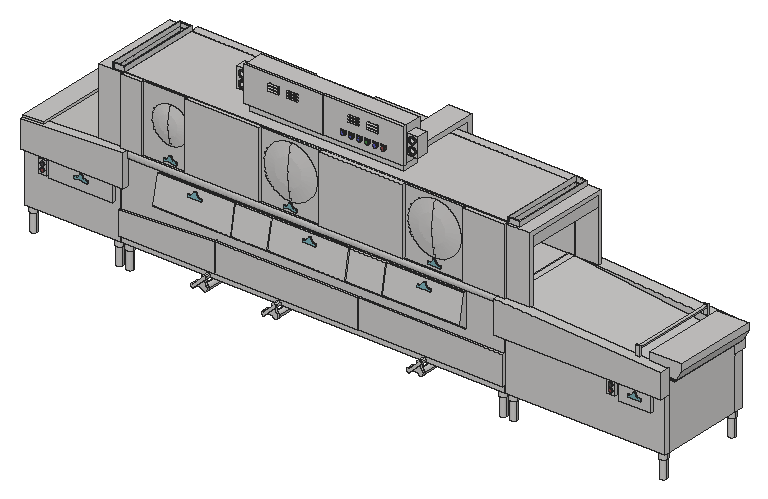
Revit family
Parameters (values of type "480/60/3")
  Weight in Pounds = 0
  Watts = 50000 W
  Waste Water Discharge Temperature [instance] = -459.67 °F
  Volts = 480 V
  Ventilation Remarks [instance] = ""
  Unload Ventilation Remarks [instance] = ""
  Unload Section Width [instance] = if(Custom Unload Width > 5' 0", Custom Unload Width, 5' 0")  # 5' - 0"
  Unload Removable Cover [instance] = yes
  Unload Exhaust Volume = 1000 CFM
  Unload Exhaust Vent Width = 0' - 4"
  Unload Exhaust Vent Depth = 2' - 7 1/4"
  Unload Exhaust Static Press [instance] = 0.00 in-wg
  Unload Exhaust RI Height [instance] = 0' - 0"
  Unload Exhaust Item Number [instance] = "-"
  Unload End Drain [instance] = no
  URL Cutsheet = ""
  URL = "www.stero.com"
  Swing Doors [instance] = no
  Status [instance] = ""
  Standard Doors [instance] = not(Swing Doors)  # yes
  Specification by User [instance] = ""
  Specification by Manufacturer [instance] = ""
  Serial Number [instance] = ""
  Seismic Rating [instance] = ""
  Revision Code [instance] = ""
  Power Wash Width = 4' - 6"
  Power Wash Door [instance] = if(Swing Doors, 3' 0", 1' 10 1/2")  # 1' - 10 1/2"
  Power Scrapper Width = 3' - 0"
  Power Scrapper Door [instance] = if(Swing Doors, 2' 0", 1' 4 1/4")  # 1' - 4 1/4"
  Power Rinse Door [instance] = if(Swing Doors, 3' 0", 1' 10 1/2")  # 1' - 10 1/2"
  Plumbing Remarks [instance] = ""
  Plumbing Connection Type [instance] = ""
  Phase = 3
  ONOFF Switch [instance] = if([30 inch Load], 0' 0", 0' 6")  # 0' - 6"
  Number of Poles [instance] = 3
  No Booster Heater [instance] = not(Booster Heater)  # yes
  NAFEM Spec ID Number [instance] = ""
  Model = "STPCW-ER 144E"
  Masterspec [instance] = ""
  Manufacturer = "Stero"
  Load Section Width [instance] = if([30 inch Load], 2' 6 1/8", if([36 inch Load], 3' 0 1/8", if([48 inch Load], 4' 0 1/8", (Custom Load Width + 0' 0 1/8"))))  # 3' - 0 1/8"
  Load End Drain [instance] = not(Unload End Drain)  # yes
  Item Number [instance] = "-"
  Installed By [instance] = ""
  Indirect Waste Size = 2"
  Indirect Waste Flow [instance] = 0.00 GPM
  Indirect Waste Connection Type [instance] = ""
  Indirect Waste Connection Height = 0' - 7"
  Hot Water Temperature = 140 °F
  Hot Water Size = 1"
  Hot Water RI Height [instance] = 0' - 0"
  Hot Water Minimum Pressure = 20.00 psi
  Hot Water Maximum Pressure = 20.00 psi
  Hot Water Flow [instance] = 0.00 GPM
  Hot Water Consumption = 1.63 GPM
  Hot Water Connection Height = 0' - 6"
  HP = "8"
  Furnished By [instance] = ""
  Foodservice Equipment Identifier [instance] = yes
  Final Rinse Width = 4' - 6"
  Feeder Line 3 = no
  Feeder Line 2 = no
  FL Amps = 76.1 A
  F3 Watts = 0 W
  F3 Volts = 480 V
  F3 Phase = 3
  F3 Number of Poles [instance] = 3
  F3 Item Number [instance] = "-"
  F3 FL Amps = 0 A
  F3 Electrical Remarks [instance] = ""
  F3 Electric Connection Type [instance] = ""
  F3 Elec Conn RI Height [instance] = 0' - 0"
  F3 Elec Conn Connection Height = Elec Conn Connection Height  # 6' - 6"
  F3 Cycle = Cycle  # 60 Hz
  F3 Conn Conduit = yes
  F3 Apparent Power = if(F3 Phase = 3, F3 Volts * F3 FL Amps * 1.73, F3 Volts * F3 FL Amps)  # 0 VA
  F2 Watts = 0 W
  F2 Volts = 480 V
  F2 Phase = 3
  F2 Number of Poles [instance] = 3
  F2 Item Number [instance] = "-"
  F2 FL Amps = 0 A
  F2 Electrical Remarks [instance] = ""
  F2 Electric Connection Type [instance] = ""
  F2 Elec Conn RI Height [instance] = 0' - 0"
  F2 Elec Conn Connection Height = Elec Conn Connection Height  # 6' - 6"
  F2 Cycle = Cycle  # 60 Hz
  F2 Conn Conduit = yes
  F2 Apparent Power = if(F2 Phase = 3, F2 Volts * F2 FL Amps * 1.73, F2 Volts * F2 FL Amps)  # 0 VA
  Exhaust Volume = 500 CFM
  Exhaust Vent Width = 0' - 4"
  Exhaust Vent Depth = 2' - 7 1/4"
  Exhaust Static Press [instance] = 0.00 in-wg
  Exhaust RI Height [instance] = 0' - 0"
  Electrical Remarks [instance] = ""
  Electric Connection Type [instance] = ""
  Elec Conn RI Height [instance] = 0' - 0"
  Elec Conn Connection Height = 6' - 6"
  Description = "Flight Type Dishwasher"
  Depth = 3' - 6"
  Cycle = 60 Hz
  Custom Unload Width [instance] = 5' - 0"
  Custom Load Width [instance] = 4' - 6"
  Conn Conduit = yes
  Cold Water Temperature Recommended [instance] = -459.67 °F
  Cold Water Size [instance] = if(Cold Water Aqua Stat, 0' 0 3/4", 0' 0")  # 0"
  Cold Water RI Height [instance] = 0' - 0"
  Cold Water Minimum Pressure [instance] = 0.00 psi
  Cold Water Maximum Pressure [instance] = 0.00 psi
  Cold Water Flow [instance] = 0.00 GPM
  Cold Water Consumption [instance] = ""
  Cold Water Connection Height [instance] = if(Cold Water Aqua Stat, 0' 6", 0' 0")  # 0' - 0"
  Cold Water Aqua Stat [instance] = no
  CSI MasterFormat = "11 48 13"
  Booster Watts = 24000 W
  Booster Volts = 480 V
  Booster Phase = 3
  Booster Number of Poles [instance] = 3
  Booster Item Number [instance] = "-"
  Booster Heater [instance] = no
  Booster FL Amps = 28.9 A
  Booster Electrical Remarks [instance] = ""
  Booster Electric Connection Type [instance] = ""
  Booster Elec Conn RI Height [instance] = 0' - 0"
  Booster Elec Conn Connection Height = 0' - 11"
  Booster Cycle = 60 Hz
  Booster Conn Conduit = yes
  Booster Apparent Power = if(Booster Phase = 3, Booster Volts * Booster FL Amps * 1.73, Booster Volts * Booster FL Amps)  # 23998.6 VA
  Boosted Plumbing Remarks [instance] = ""
  Boosted Hot Water Temperature = 180 °F
  Boosted Hot Water Size = 3/4"
  Boosted Hot Water RI Height [instance] = 0' - 0"
  Boosted Hot Water Minimum Pressure = 20.00 psi
  Boosted Hot Water Maximum Pressure = 20.00 psi
  Boosted Hot Water Flow [instance] = 0.00 GPM
  Boosted Hot Water Consumption = 1.63 GPM
  Boosted Hot Water Connection Height = 0' - 6"
  Boosted HW Item Number [instance] = "-"
  Assembly Code = "E1090320"
  Apparent Power = if(Phase = 3, Volts * FL Amps * 1.73, Volts * FL Amps)  # 63193.4 VA
  48 inch Load [instance] = no
  36 inch Load [instance] = yes
  30 inch Load [instance] = no
Reference planes (in)
  plane 1 "BACK": y = 0
  plane 2: z = 0
  plane 3 "LEFT": x = -21.27862
  plane 4 "RIGHT": x = 122.72138
  plane 5 "FRONT": y = -42
  plane 6 "Right of Power Scrapper": x = 14.72138
  plane 7 "Right of Power Wash": x = 68.72138
  plane 8 "Load Vent": x = -30.27862
  plane 9 "Unload Vent": x = 131.72138
  plane 10 "Top of Machine": z = 65.5
  plane 11 "Table Height": z = 34
  plane 12 "Bottom of Machine": z = 9
  plane 13 "Middle of Machine": z = 40.625
  plane 14 "Left of Bottom": x = -18.77862
  plane 15 "Right of Bottom": x = 120.22138
  plane 16: z = 38.125
  plane 17: z = 37.75
  plane 18: z = 24.5
  plane 19: z = 22.25
  plane 20: z = 11.5
  plane 21 "Back of Main Body": y = -3
  plane 22 "Front of Main Body": y = -39
  plane 23: x = -3.27862
  plane 24: x = 41.72138
  plane 25: x = 95.72138
  plane 26: x = -13.52862
  plane 27: x = 2.72138
  plane 28: x = 30.47138
  plane 29: x = 52.97138
  plane 30: x = 84.47138
  plane 31: x = 106.97138
  plane 32 "Front of Inside": y = -37.25
  plane 33 "Back of Inside": y = -6
  plane 34: x = 23.22138
  plane 35: x = 45.72138
  plane 36: x = -6.77862
  plane 37: x = 22.22138
  plane 38: x = 36.22138
  plane 39: x = 65.22138
  plane 40: x = 35.97138
  plane 41: x = 65.47138
  plane 42: x = 14.59638
  plane 43: x = 14.84638
  plane 44: x = 68.59638
  plane 45: x = 68.84638
  plane 46: z = 60.25
  plane 47: z = 67.25
  plane 48: x = -21.40362
  plane 49: x = -25.40362
  plane 50: x = 126.84638
  plane 51: x = 122.84638
  plane 52: x = -57.40362
  plane 53: x = -59.90362
  plane 54: x = -58.40362
  plane 55: x = -49.40362
  plane 56: z = 28.5
  plane 57: z = 28
  plane 58: z = 22
  plane 59: x = -47.40362
  plane 60: x = -23.40362
  plane 61: x = -48.40362
  plane 62: x = -51.40362
  plane 63: x = 182.72138
  plane 64: x = 183.72138
  plane 65: x = 185.22138
  plane 66: x = 187.72138
  plane 67: x = 175.72138
  plane 68: x = 171.72138
  plane 69: x = 178.22138
  plane 70: x = 166.22138
  plane 71: x = 164.72138
  plane 72: x = 161.72138
  plane 73: y = -32.5
  plane 74: y = -26.5
  plane 75: x = 21.72138
  plane 76: x = 79.72138
  plane 77: z = 68.5
  plane 78: z = 71.375
  plane 79: z = 78.625
  plane 80: z = 81.5
  plane 81: x = 50.72138
  plane 82: x = 50.59638
  plane 83: x = 50.84638
  plane 84: x = 20.72138
  plane 85: x = 80.72138
  plane 86: x = 84.72138
  plane 87: x = 16.72138
  plane 88 "Back of Elec Box": y = -26
  plane 89: y = -33
  plane 90 "Front of Panel": y = -34
  plane 91: z = 68.25
  plane 92: z = 81.25
  plane 93: x = 20.97138
  plane 94 "Right of Control Box": x = 80.47138
  plane 95 "Front of LR Panels": y = -32.25
  plane 96: y = -28.25
  plane 97 "Drain": z = 7
  plane 98 "Left Drain": x = -39.90362
  plane 99 "Right Drain": x = 175.72138
  plane 100 "Drain CL": y = -20.25
  plane 101 "Utilities": z = 6
  plane 102 "Cold Water": x = -31.27862
  plane 103 "Utility to Machine": y = -16.75
  plane 104 "Utilities Point of Connection": y = -8.5
  plane 105 "Building Hot Water": x = 158.72138
  plane 106: x = -13.27862
  plane 107: x = 2.59638
  plane 108: x = 1.28388
  plane 109: x = 30.72138
  plane 110: x = 41.65888
  plane 111: x = 41.78388
  plane 112: x = 52.72138
  plane 113: x = 43.15888
  plane 114: x = 40.28388
  plane 115: x = 84.72138
  plane 116: x = 95.65888
  plane 117: x = 95.78388
  plane 118: x = 106.72138
  plane 119: x = 97.15888
  plane 120: x = 94.28388
  plane 121 "Standard Door Clearance": z = 93.5
  plane 122: x = 146.72138
  plane 123: x = 22.47138
  plane 124: x = 79.22138
  plane 125: x = 78.97138
  plane 126: x = 108.22138
Forms (in)
  Extrusion 1, solid, material "QF_Finishes_Stainless Steel"
    sketch origin (0, -39, 0) x (1, 0, 0) y (0, 0, 1)
      loop
        line (-21.27862, 9) -> (122.72138, 9) -> (122.72138, 28.5) -> (120.22138, 28.5) -> (120.22138, 38.125) -> (-18.77862, 38.125) -> (-18.77862, 28.5) -> (-21.27862, 28.5) -> (-21.27862, 9)
    from 0 to -36
  Extrusion 2, solid, material "QF_Finishes_Stainless Steel"
    sketch origin (-18.77862, 0, 0) x (0, 1, 0) y (0, 0, 1)
      loop
        line (-3, 40.625) -> (-39, 40.625)
        arc (-39, 40.625) -> (-39.43875, 39.375) -> (-39, 38.125) r 2
        line (-39, 38.125) -> (-3, 38.125) -> (-3, 40.625)
    from 0 to 139
  Extrusion 3, solid, material "QF_Finishes_Stainless Steel"
    sketch origin (0, 0, 65.5) x (0, 1, 0) y (-1, 0, 0)
      loop
        line (-37.25, 21.27862) -> (-39, 21.27862) -> (-39, 13.52862) -> (-37.25, 13.52862) -> (-37.25, 21.27862)
    from 0 to -24.875
  Extrusion 4, solid, material "QF_Finishes_Stainless Steel"
    sketch origin (0, 0, 65.5) x (0, 1, 0) y (-1, 0, 0)
      loop
        line (-37.25, -2.72138) -> (-39, -2.72138) -> (-39, -30.47138) -> (-37.25, -30.47138) -> (-37.25, -2.72138)
    from 0 to -24.875
  Extrusion 5, solid, material "QF_Finishes_Stainless Steel"
    sketch origin (0, 0, 65.5) x (0, 1, 0) y (-1, 0, 0)
      loop
        line (-37.25, -52.97138) -> (-39, -52.97138) -> (-39, -84.47138) -> (-37.25, -84.47138) -> (-37.25, -52.97138)
    from 0 to -24.875
  Extrusion 6, solid, material "QF_Finishes_Stainless Steel"
    sketch origin (0, 0, 65.5) x (0, 1, 0) y (-1, 0, 0)
      loop
        line (-37.25, -106.97138) -> (-39, -106.97138) -> (-39, -122.72138) -> (-37.25, -122.72138) -> (-37.25, -106.97138)
    from 0 to -24.875
  Extrusion 7, solid, material "QF_Finishes_Stainless Steel"
    sketch origin (0, 0, 65.5) x (0, 1, 0) y (-1, 0, 0)
      loop
        line (-3, 21.27862) -> (-6, 21.27862) -> (-6, -23.22138) -> (-3, -23.22138) -> (-3, 21.27862)
    from 0 to -24.875
  Extrusion 8, solid, material "QF_Finishes_Stainless Steel"
    sketch origin (0, 0, 65.5) x (0, 1, 0) y (-1, 0, 0)
      loop
        line (-3, -45.72138) -> (-6, -45.72138) -> (-6, -122.72138) -> (-3, -122.72138) -> (-3, -45.72138)
    from 0 to -24.875
  Extrusion 9, solid, material "QF_Finishes_Stainless Steel"
    sketch origin (0, 0, 65.5) x (0, 1, 0) y (-1, 0, 0)
      loop
        line (-37.25, 13.52862) -> (-38.25, 13.52862) -> (-38.25, -2.72138) -> (-37.25, -2.72138) -> (-37.25, 13.52862)
    from 0 to -24.875
  Extrusion 10, solid, material "QF_Finishes_Stainless Steel"
    sketch origin (0, 0, 65.5) x (0, 1, 0) y (-1, 0, 0)
      loop
        line (-37.25, -30.47138) -> (-38.25, -30.47138) -> (-38.25, -52.97138) -> (-37.25, -52.97138) -> (-37.25, -30.47138)
    from 0 to -24.875
  Extrusion 11, solid, material "QF_Finishes_Stainless Steel"
    sketch origin (0, 0, 65.5) x (0, 1, 0) y (-1, 0, 0)
      loop
        line (-37.25, -84.47138) -> (-38.25, -84.47138) -> (-38.25, -106.97138) -> (-37.25, -106.97138) -> (-37.25, -84.47138)
    from 0 to -24.875
  Extrusion 12, solid, material "QF_Finishes_Stainless Steel"
    sketch origin (0, 0, 65.5) x (0, 1, 0) y (-1, 0, 0)
      loop
        line (-4, -23.22138) -> (-6, -23.22138) -> (-6, -45.72138) -> (-4, -45.72138) -> (-4, -23.22138)
    from 0 to -24.875
  Revolve 13, solid, material "QF_Finishes_Stainless Steel", visible <- "Standard Doors"
    sketch origin (41.72138, 87.64484, 48) x (0, 1, 0) y (0, 0, 1)
      loop
        line (-125.89484, 6.49826) -> (-125.89484, 16.49826)
        arc (-125.89484, 16.49826) -> (-126.65727, 11.52451) -> (-126.89484, 6.49826) r 48
        line (-126.89484, 6.49826) -> (-125.89484, 6.49826)
      axis (-125.89484, 6.49826) -> (-126.89484, 6.49826)
    angle from 0 to 360
  Revolve 14, solid, material "QF_Finishes_Stainless Steel", visible <- "Standard Doors"
    sketch origin (95.72138, 53.39484, 48) x (0, 1, 0) y (0, 0, 1)
      loop
        line (-91.64484, 6.49826) -> (-91.64484, 16.49826)
        arc (-91.64484, 16.49826) -> (-92.40727, 11.52451) -> (-92.64484, 6.49826) r 48
        line (-92.64484, 6.49826) -> (-91.64484, 6.49826)
      axis (-91.64484, 6.49826) -> (-92.64484, 6.49826)
    angle from 0 to 360
  Extrusion 15, solid, material "QF_Finishes_Light Blue", visible <- "Standard Doors"
    sketch origin (32.39366, -38.75, 10.99826) x (-1, 0, 0) y (0, 0, 1)
      loop
        line (-62.71645, 30.65632) -> (-61.08461, 30.57309)
        arc (-61.08461, 30.57309) -> (-60.90443, 30.64773) -> (-60.82979, 30.82792) r 0.25483
        line (-60.82979, 30.82792) -> (-60.82979, 31.31285)
        arc (-60.82979, 31.31285) -> (-60.90343, 31.49062) -> (-61.08121, 31.56426) r 0.25142
        arc (-61.08121, 31.56426) -> (-62.22593, 31.7803) -> (-62.90311, 32.72819) r 1.56264
        arc (-62.90311, 32.72819) -> (-63.31726, 33.06213) -> (-63.74741, 32.74907) r 0.43733
        arc (-63.74741, 32.74907) -> (-64.42049, 31.78611) -> (-65.57423, 31.56426) r 1.56264
        arc (-65.57423, 31.56426) -> (-65.75201, 31.49062) -> (-65.82565, 31.31285) r 0.25142
        line (-65.82565, 31.31285) -> (-65.82565, 30.82792)
        arc (-65.82565, 30.82792) -> (-65.75101, 30.64773) -> (-65.57082, 30.57309) r 0.25483
        line (-65.57082, 30.57309) -> (-63.93898, 30.65632)
        arc (-63.93898, 30.65632) -> (-63.32772, 30.6719) -> (-62.71645, 30.65632) r 12
    from 0.5 to 0.4375
  Extrusion 16, solid, material "QF_Finishes_Light Blue", visible <- "Standard Doors"
    sketch origin (-33.60634, -38.75, 10.99826) x (-1, 0, 0) y (0, 0, 1)
      loop
        line (-29.71645, 30.65632) -> (-28.08461, 30.57309)
        arc (-28.08461, 30.57309) -> (-27.90443, 30.64773) -> (-27.82979, 30.82792) r 0.25483
        line (-27.82979, 30.82792) -> (-27.82979, 31.31285)
        arc (-27.82979, 31.31285) -> (-27.90343, 31.49062) -> (-28.08121, 31.56426) r 0.25142
        arc (-28.08121, 31.56426) -> (-29.22593, 31.7803) -> (-29.90311, 32.72819) r 1.56264
        arc (-29.90311, 32.72819) -> (-30.31726, 33.06213) -> (-30.74741, 32.74907) r 0.43733
        arc (-30.74741, 32.74907) -> (-31.42049, 31.78611) -> (-32.57423, 31.56426) r 1.56264
        arc (-32.57423, 31.56426) -> (-32.75201, 31.49062) -> (-32.82565, 31.31285) r 0.25142
        line (-32.82565, 31.31285) -> (-32.82565, 30.82792)
        arc (-32.82565, 30.82792) -> (-32.75101, 30.64773) -> (-32.57082, 30.57309) r 0.25483
        line (-32.57082, 30.57309) -> (-30.93898, 30.65632)
        arc (-30.93898, 30.65632) -> (-30.32772, 30.6719) -> (-29.71645, 30.65632) r 12
    from 0.5 to 0.4375
  Revolve 17, solid, material "QF_Finishes_Stainless Steel", visible <- "Standard Doors"
    sketch origin (-3.27862, 60.79026, 48) x (0, 1, 0) y (0, 0, 1)
      loop
        line (-99.04026, 6.42888) -> (-99.04026, 13.42888)
        arc (-99.04026, 13.42888) -> (-99.77934, 9.96304) -> (-100.04026, 6.42888) r 26
        line (-100.04026, 6.42888) -> (-99.04026, 6.42888)
      axis (-99.04026, 6.42888) -> (-100.04026, 6.42888)
    angle from 0 to 360
  Revolve 18, solid, material "QF_Finishes_Stainless Steel", visible <- "Standard Doors"
    sketch origin (34.47138, -129.89484, 48) x (0, -1, 0) y (0, 0, -1)
      loop
        line (-125.89484, -6.49826) -> (-126.89484, -6.49826)
        arc (-126.89484, -6.49826) -> (-126.65727, -11.52451) -> (-125.89484, -16.49826) r 48
        line (-125.89484, -16.49826) -> (-125.89484, -6.49826)
      axis (-125.89484, -6.49826) -> (-126.89484, -6.49826)
    angle from 0 to 360
  Extrusion 19, solid, material "QF_Finishes_Stainless Steel"
    sketch origin (-18.77862, 0, 0) x (0, 1, 0) y (0, 0, 1)
      loop
        line (-39, 37.75) -> (-40, 37.75) -> (-42, 27.5) -> (-39, 25.1875) -> (-39, 37.75)
    from 12 to 41
  Extrusion 20, solid, material "QF_Finishes_Stainless Steel"
    sketch origin (16.97138, 0, 0) x (0, 1, 0) y (0, 0, 1)
      loop
        line (-39, 37.75) -> (-40, 37.75) -> (-42, 27.5) -> (-39, 25.1875) -> (-39, 37.75)
    from 5.5 to 19
  Extrusion 21, solid, material "QF_Finishes_Stainless Steel"
    sketch origin (21.72138, 0, 0) x (0, 1, 0) y (0, 0, 1)
      loop
        line (-39, 37.75) -> (-40, 37.75) -> (-42, 27.5) -> (-39, 25.1875) -> (-39, 37.75)
    from 14.5 to 43.5
  Extrusion 22, solid, material "QF_Finishes_Stainless Steel"
    sketch origin (45.97138, 0, 0) x (0, 1, 0) y (0, 0, 1)
      loop
        line (-39, 37.75) -> (-40, 37.75) -> (-42, 27.5) -> (-39, 25.1875) -> (-39, 37.75)
    from 19.5 to 33
  Extrusion 23, solid, material "QF_Finishes_Stainless Steel"
    sketch origin (50.97138, 0, 0) x (0, 1, 0) y (0, 0, 1)
      loop
        line (-39, 37.75) -> (-40, 37.75) -> (-42, 27.5) -> (-39, 25.1875) -> (-39, 37.75)
    from 28.25 to 57.25
  Extrusion 24, solid, material "QF_Finishes_Stainless Steel"
    sketch origin (0, -39, 0) x (1, 0, 0) y (0, 0, 1)
      loop
        line (-21.27862, 11.5) -> (14.59638, 11.5) -> (14.59638, 22.25) -> (-21.27862, 20.375) -> (-21.27862, 11.5)
    from 0 to 1
  Extrusion 25, solid, material "QF_Finishes_Stainless Steel"
    sketch origin (0, -39, 0) x (1, 0, 0) y (0, 0, 1)
      loop
        line (14.84638, 22.25) -> (14.84638, 11.5) -> (68.59638, 11.5) -> (68.59638, 22.25) -> (14.84638, 22.25)
    from 0 to 1
  Extrusion 26, solid, material "QF_Finishes_Stainless Steel"
    sketch origin (0, -39, 0) x (1, 0, 0) y (0, 0, 1)
      loop
        line (68.84638, 22.25) -> (68.84638, 11.5) -> (122.72138, 11.5) -> (122.72138, 22.25) -> (68.84638, 22.25)
    from 0 to 1
  Extrusion 27, solid, material "QF_Finishes_Stainless Steel"
    sketch origin (0, 0, 65.5) x (0, 1, 0) y (-1, 0, 0)
      loop
        line (-6, 21.27862) -> (-37.25, 21.27862) -> (-37.25, -122.72138) -> (-6, -122.72138) -> (-6, 21.27862)
    from 0 to -5.25
  Extrusion 28, solid, material "QF_Finishes_Stainless Steel"
    sketch origin (-21.27862, 0, 0) x (0, 1, 0) y (0, 0, 1)
      loop
        line (-5, 65.5) -> (-38.25, 65.5) -> (-38.25, 40.625) -> (-37.25, 40.625) -> (-37.25, 64.125) -> (-6, 64.125) -> (-6, 40.625) -> (-5, 40.625) -> (-5, 65.5)
    from 0 to -9
  Extrusion 29, solid, material "QF_Finishes_Stainless Steel"
    sketch origin (0, 0, 65.5) x (0, 1, 0) y (-1, 0, 0)
      loop
        line (-6, 25.40362) -> (-37.25, 25.40362) -> (-37.25, 21.40362) -> (-6, 21.40362) -> (-6, 25.40362)
      loop
        line (-5.875, 25.52862) -> (-37.375, 25.52862) -> (-37.375, 21.27862) -> (-5.875, 21.27862) -> (-5.875, 25.52862)
    from 0 to 1.75
  Extrusion 30, solid, material "QF_Finishes_Stainless Steel"
    sketch origin (-30.27862, 0, 0) x (0, 1, 0) y (0, 0, 1)
      loop
        line (-6, 64.125) -> (-37.25, 64.125) -> (-37.25, 60.25) -> (-6, 60.25) -> (-6, 64.125)
    from 0 to 1
  Extrusion 31, void
    sketch origin (0, 0, 65.5) x (0, 1, 0) y (-1, 0, 0)
      loop
        line (-6, 25.40362) -> (-37.25, 25.40362) -> (-37.25, 21.40362) -> (-6, 21.40362) -> (-6, 25.40362)
    from 0 to -1.375
  Extrusion 32, solid, material "QF_Finishes_Stainless Steel"
    sketch origin (122.72138, 0, 0) x (0, 1, 0) y (0, 0, 1)
      loop
        line (-5, 40.625) -> (-5, 65.5) -> (-38.25, 65.5) -> (-38.25, 40.625) -> (-37.25, 40.625) -> (-37.25, 64.125) -> (-6, 64.125) -> (-6, 40.625) -> (-5, 40.625)
    from 0 to 9
  Extrusion 33, solid, material "QF_Finishes_Stainless Steel"
    sketch origin (53.44275, 0, 65.5) x (0, 1, 0) y (-1, 0, 0)
      loop
        line (-6, -73.40362) -> (-6, -69.40362) -> (-37.25, -69.40362) -> (-37.25, -73.40362) -> (-6, -73.40362)
      loop
        line (-5.875, -73.52862) -> (-5.875, -69.27862) -> (-37.375, -69.27862) -> (-37.375, -73.52862) -> (-5.875, -73.52862)
    from 0 to 1.75
  Extrusion 34, solid, material "QF_Finishes_Stainless Steel"
    sketch origin (131.72138, 0, 0) x (0, 1, 0) y (0, 0, 1)
      loop
        line (-6, 64.125) -> (-37.25, 64.125) -> (-37.25, 60.25) -> (-6, 60.25) -> (-6, 64.125)
    from 0 to -1
  Extrusion 35, void
    sketch origin (0, 0, 65.5) x (0, 1, 0) y (-1, 0, 0)
      loop
        line (-37.25, -126.84638) -> (-6, -126.84638) -> (-6, -122.84638) -> (-37.25, -122.84638) -> (-37.25, -126.84638)
    from 0 to -1.375
  Extrusion 36, solid, material "QF_Finishes_Light Blue", visible <- "Standard Doors"
    sketch origin (4.39366, -38.75, 10.99826) x (-1, 0, 0) y (0, 0, 1)
      loop
        line (-36.71645, 30.65632) -> (-35.08461, 30.57309)
        arc (-35.08461, 30.57309) -> (-34.90443, 30.64773) -> (-34.82979, 30.82792) r 0.25483
        line (-34.82979, 30.82792) -> (-34.82979, 31.31285)
        arc (-34.82979, 31.31285) -> (-34.90343, 31.49062) -> (-35.08121, 31.56426) r 0.25142
        arc (-35.08121, 31.56426) -> (-36.22593, 31.7803) -> (-36.90311, 32.72819) r 1.56264
        arc (-36.90311, 32.72819) -> (-37.31726, 33.06213) -> (-37.74741, 32.74907) r 0.43733
        arc (-37.74741, 32.74907) -> (-38.42049, 31.78611) -> (-39.57423, 31.56426) r 1.56264
        arc (-39.57423, 31.56426) -> (-39.75201, 31.49062) -> (-39.82565, 31.31285) r 0.25142
        line (-39.82565, 31.31285) -> (-39.82565, 30.82792)
        arc (-39.82565, 30.82792) -> (-39.75101, 30.64773) -> (-39.57082, 30.57309) r 0.25483
        line (-39.57082, 30.57309) -> (-37.93898, 30.65632)
        arc (-37.93898, 30.65632) -> (-37.32772, 30.6719) -> (-36.71645, 30.65632) r 12
    from 0.5 to 0.4375
  Extrusion 37, solid, material "QF_Finishes_Light Blue"
    sketch origin (52.14366, -47.17361, 4.34597) x (-1, 0, 0) y (0, 0.195946, 0.980615)
      loop
        line (-40.97691, 30.65632) -> (-39.34507, 30.57309)
        arc (-39.34507, 30.57309) -> (-39.16488, 30.64773) -> (-39.09025, 30.82792) r 0.25483
        line (-39.09025, 30.82792) -> (-39.09025, 31.31285)
        arc (-39.09025, 31.31285) -> (-39.16389, 31.49062) -> (-39.34166, 31.56426) r 0.25142
        arc (-39.34166, 31.56426) -> (-40.48639, 31.7803) -> (-41.16357, 32.72819) r 1.56264
        arc (-41.16357, 32.72819) -> (-41.57772, 33.06213) -> (-42.00787, 32.74907) r 0.43733
        arc (-42.00787, 32.74907) -> (-42.68095, 31.78611) -> (-43.83469, 31.56426) r 1.56264
        arc (-43.83469, 31.56426) -> (-44.01247, 31.49062) -> (-44.08611, 31.31285) r 0.25142
        line (-44.08611, 31.31285) -> (-44.08611, 30.82792)
        arc (-44.08611, 30.82792) -> (-44.01147, 30.64773) -> (-43.83128, 30.57309) r 0.25483
        line (-43.83128, 30.57309) -> (-42.19944, 30.65632)
        arc (-42.19944, 30.65632) -> (-41.58818, 30.6719) -> (-40.97691, 30.65632) r 12
      loop
        line (2.0339, 30.65632) -> (3.66574, 30.57309)
        arc (3.66574, 30.57309) -> (3.84592, 30.64773) -> (3.92056, 30.82792) r 0.25483
        line (3.92056, 30.82792) -> (3.92056, 31.31285)
        arc (3.92056, 31.31285) -> (3.84692, 31.49062) -> (3.66915, 31.56426) r 0.25142
        arc (3.66915, 31.56426) -> (2.52442, 31.7803) -> (1.84724, 32.72819) r 1.56264
        arc (1.84724, 32.72819) -> (1.43309, 33.06213) -> (1.00294, 32.74907) r 0.43733
        arc (1.00294, 32.74907) -> (0.32986, 31.78611) -> (-0.82388, 31.56426) r 1.56264
        arc (-0.82388, 31.56426) -> (-1.00166, 31.49062) -> (-1.0753, 31.31285) r 0.25142
        line (-1.0753, 31.31285) -> (-1.0753, 30.82792)
        arc (-1.0753, 30.82792) -> (-1.00066, 30.64773) -> (-0.82047, 30.57309) r 0.25483
        line (-0.82047, 30.57309) -> (0.81137, 30.65632)
        arc (0.81137, 30.65632) -> (1.42263, 30.6719) -> (2.0339, 30.65632) r 12
      loop
        line (45.02309, 30.65632) -> (46.65493, 30.57309)
        arc (46.65493, 30.57309) -> (46.83512, 30.64773) -> (46.90975, 30.82792) r 0.25483
        line (46.90975, 30.82792) -> (46.90975, 31.31285)
        arc (46.90975, 31.31285) -> (46.83611, 31.49062) -> (46.65834, 31.56426) r 0.25142
        arc (46.65834, 31.56426) -> (45.51361, 31.7803) -> (44.83643, 32.72819) r 1.56264
        arc (44.83643, 32.72819) -> (44.42228, 33.06213) -> (43.99213, 32.74907) r 0.43733
        arc (43.99213, 32.74907) -> (43.31905, 31.78611) -> (42.16531, 31.56426) r 1.56264
        arc (42.16531, 31.56426) -> (41.98753, 31.49062) -> (41.91389, 31.31285) r 0.25142
        line (41.91389, 31.31285) -> (41.91389, 30.82792)
        arc (41.91389, 30.82792) -> (41.98853, 30.64773) -> (42.16872, 30.57309) r 0.25483
        line (42.16872, 30.57309) -> (43.80056, 30.65632)
        arc (43.80056, 30.65632) -> (44.41182, 30.6719) -> (45.02309, 30.65632) r 12
    from 0.5 to 0.4375
  Extrusion 38, solid, material "QF_Finishes_Stainless Steel", not visible
    sketch origin (-30.27862, 0, 0) x (0, 1, 0) y (0, 0, 1)
      loop
        line (-39, 37.75) -> (-40, 37.75) -> (-42, 27.5) -> (-39, 25.1875) -> (-39, 37.75)
    from 12 to 41
  Extrusion 39, solid, material "QF_Finishes_Stainless Steel", not visible
    sketch origin (5.47138, 0, 0) x (0, 1, 0) y (0, 0, 1)
      loop
        line (-39, 37.75) -> (-40, 37.75) -> (-42, 27.5) -> (-39, 25.1875) -> (-39, 37.75)
    from 5.5 to 19
  Extrusion 40, solid, material "QF_Finishes_Stainless Steel", not visible
    sketch origin (10.22138, 0, 0) x (0, 1, 0) y (0, 0, 1)
      loop
        line (-39, 37.75) -> (-40, 37.75) -> (-42, 27.5) -> (-39, 25.1875) -> (-39, 37.75)
    from 14.5 to 43.5
  Extrusion 41, solid, material "QF_Finishes_Stainless Steel", not visible
    sketch origin (34.47138, 0, 0) x (0, 1, 0) y (0, 0, 1)
      loop
        line (-39, 37.75) -> (-40, 37.75) -> (-42, 27.5) -> (-39, 25.1875) -> (-39, 37.75)
    from 19.5 to 33
  Extrusion 42, solid, material "QF_Finishes_Stainless Steel", not visible
    sketch origin (39.47138, 0, 0) x (0, 1, 0) y (0, 0, 1)
      loop
        line (-39, 37.75) -> (-40, 37.75) -> (-42, 27.5) -> (-39, 25.1875) -> (-39, 37.75)
    from 28.25 to 57.25
  Extrusion 43, solid, material "QF_Finishes_Light Blue", not visible
    sketch origin (40.64366, -47.17361, 4.34597) x (-1, 0, 0) y (0, 0.195946, 0.980615)
      loop
        line (-40.97691, 30.65632) -> (-39.34507, 30.57309)
        arc (-39.34507, 30.57309) -> (-39.16488, 30.64773) -> (-39.09025, 30.82792) r 0.25483
        line (-39.09025, 30.82792) -> (-39.09025, 31.31285)
        arc (-39.09025, 31.31285) -> (-39.16389, 31.49062) -> (-39.34166, 31.56426) r 0.25142
        arc (-39.34166, 31.56426) -> (-40.48639, 31.7803) -> (-41.16357, 32.72819) r 1.56264
        arc (-41.16357, 32.72819) -> (-41.57772, 33.06213) -> (-42.00787, 32.74907) r 0.43733
        arc (-42.00787, 32.74907) -> (-42.68095, 31.78611) -> (-43.83469, 31.56426) r 1.56264
        arc (-43.83469, 31.56426) -> (-44.01247, 31.49062) -> (-44.08611, 31.31285) r 0.25142
        line (-44.08611, 31.31285) -> (-44.08611, 30.82792)
        arc (-44.08611, 30.82792) -> (-44.01147, 30.64773) -> (-43.83128, 30.57309) r 0.25483
        line (-43.83128, 30.57309) -> (-42.19944, 30.65632)
        arc (-42.19944, 30.65632) -> (-41.58818, 30.6719) -> (-40.97691, 30.65632) r 12
      loop
        line (2.0339, 30.65632) -> (3.66574, 30.57309)
        arc (3.66574, 30.57309) -> (3.84592, 30.64773) -> (3.92056, 30.82792) r 0.25483
        line (3.92056, 30.82792) -> (3.92056, 31.31285)
        arc (3.92056, 31.31285) -> (3.84692, 31.49062) -> (3.66915, 31.56426) r 0.25142
        arc (3.66915, 31.56426) -> (2.52442, 31.7803) -> (1.84724, 32.72819) r 1.56264
        arc (1.84724, 32.72819) -> (1.43309, 33.06213) -> (1.00294, 32.74907) r 0.43733
        arc (1.00294, 32.74907) -> (0.32986, 31.78611) -> (-0.82388, 31.56426) r 1.56264
        arc (-0.82388, 31.56426) -> (-1.00166, 31.49062) -> (-1.0753, 31.31285) r 0.25142
        line (-1.0753, 31.31285) -> (-1.0753, 30.82792)
        arc (-1.0753, 30.82792) -> (-1.00066, 30.64773) -> (-0.82047, 30.57309) r 0.25483
        line (-0.82047, 30.57309) -> (0.81137, 30.65632)
        arc (0.81137, 30.65632) -> (1.42263, 30.6719) -> (2.0339, 30.65632) r 12
      loop
        line (45.02309, 30.65632) -> (46.65493, 30.57309)
        arc (46.65493, 30.57309) -> (46.83512, 30.64773) -> (46.90975, 30.82792) r 0.25483
        line (46.90975, 30.82792) -> (46.90975, 31.31285)
        arc (46.90975, 31.31285) -> (46.83611, 31.49062) -> (46.65834, 31.56426) r 0.25142
        arc (46.65834, 31.56426) -> (45.51361, 31.7803) -> (44.83643, 32.72819) r 1.56264
        arc (44.83643, 32.72819) -> (44.42228, 33.06213) -> (43.99213, 32.74907) r 0.43733
        arc (43.99213, 32.74907) -> (43.31905, 31.78611) -> (42.16531, 31.56426) r 1.56264
        arc (42.16531, 31.56426) -> (41.98753, 31.49062) -> (41.91389, 31.31285) r 0.25142
        line (41.91389, 31.31285) -> (41.91389, 30.82792)
        arc (41.91389, 30.82792) -> (41.98853, 30.64773) -> (42.16872, 30.57309) r 0.25483
        line (42.16872, 30.57309) -> (43.80056, 30.65632)
        arc (43.80056, 30.65632) -> (44.41182, 30.6719) -> (45.02309, 30.65632) r 12
    from 0.5 to 0.4375
  Extrusion 44, solid, material "QF_Finishes_Stainless Steel"
    sketch origin (0, -37.25, 0) x (1, 0, 0) y (0, 0, 1)
      loop
        line (-57.40362, 28.5) -> (-18.77862, 28.5) -> (-18.77862, 40.625) -> (-57.40362, 38.75) -> (-57.40362, 28.5)
    from 0 to 3.75
  Extrusion 45, solid, material "QF_Finishes_Stainless Steel"
    sketch origin (0, -6, 0) x (1, 0, 0) y (0, 0, 1)
      loop
        line (-57.40362, 28.5) -> (-18.77862, 28.5) -> (-18.77862, 40.625) -> (-57.40362, 38.75) -> (-57.40362, 28.5)
    from 0 to -4.5
  Extrusion 46, solid, material "QF_Finishes_Stainless Steel"
    sketch origin (0, -6, 0) x (1, 0, 0) y (0, 0, 1)
      loop
        line (-57.40362, 34) -> (-59.90362, 34) -> (-59.90362, 33.875) -> (-57.40362, 33.875) -> (-57.40362, 34)
    from 0 to 31.25
  Extrusion 47, solid, material "QF_Finishes_Stainless Steel"
    sketch origin (0, -6, 0) x (1, 0, 0) y (0, 0, 1)
      loop
        line (-57.40362, 33.875) -> (-58.40362, 33.875) -> (-58.40362, 32.5) -> (-57.40362, 32.5) -> (-57.40362, 33.875)
    from 3.5 to 29.25
  Extrusion 48, solid, material "QF_Finishes_Stainless Steel"
    sketch origin (0, -6, 0) x (1, 0, 0) y (0, 0, 1)
      loop
        line (-57.40362, 32) -> (-58.40362, 32) -> (-58.40362, 28) -> (-57.40362, 28) -> (-57.40362, 32)
    from 3.5 to 29.25
  Extrusion 49, solid, material "QF_Finishes_Stainless Steel"
    sketch origin (0, -6, 0) x (1, 0, 0) y (0, 0, 1)
      loop
        line (-18.77862, 40.625) -> (-21.27862, 40.625) -> (-57.40362, 34) -> (-57.40362, 9) -> (-21.27862, 9) -> (-21.27862, 28.5) -> (-18.77862, 28.5) -> (-18.77862, 40.625)
    from 0 to 31.25
  Extrusion 50, solid, material "QF_Finishes_Stainless Steel"
    sketch origin (0, -6, 0) x (1, 0, 0) y (0, 0, 1)
      loop
        line (-57.40362, 38.75) -> (-49.40362, 39.13835) -> (-49.40362, 39.88923) -> (-57.40362, 39.50088) -> (-57.40362, 38.75)
    from -2.625 to 33.875
  Extrusion 51, solid, material "QF_Finishes_Stainless Steel"
    sketch origin (0, -37.25, 0) x (1, 0, 0) y (0, 0, 1)
      loop
        line (-57.40362, 9) -> (-21.27862, 9) -> (-21.27862, 28.5) -> (-57.40362, 28.5) -> (-57.40362, 9)
    from 0 to 1.75
  Extrusion 52, solid, material "QF_Finishes_Stainless Steel"
    sketch origin (0, -6, 0) x (1, 0, 0) y (0, 0, 1)
      loop
        line (-57.40362, 28.5) -> (-57.40362, 9) -> (-21.27862, 9) -> (-21.27862, 28.5) -> (-57.40362, 28.5)
    from 0 to -3
  Extrusion 53, solid, material "QF_Finishes_Stainless Steel"
    sketch origin (0, -37.25, 0) x (1, 0, 0) y (0, 0, 1)
      loop
        line (-47.40362, 28) -> (-47.40362, 22) -> (-23.40362, 22) -> (-23.40362, 28) -> (-47.40362, 28)
    from 1.75 to 2.75
  Extrusion 54, solid, material "QF_Finishes_Light Blue"
    sketch origin (-63.60634, -40.5, -5.56213) x (-1, 0, 0) y (0, 0, 1)
      loop
        line (-27.5911, 30.65632) -> (-25.95926, 30.57309)
        arc (-25.95926, 30.57309) -> (-25.77908, 30.64773) -> (-25.70444, 30.82792) r 0.25483
        line (-25.70444, 30.82792) -> (-25.70444, 31.31285)
        arc (-25.70444, 31.31285) -> (-25.77808, 31.49062) -> (-25.95585, 31.56426) r 0.25142
        arc (-25.95585, 31.56426) -> (-27.10058, 31.7803) -> (-27.77776, 32.72819) r 1.56264
        arc (-27.77776, 32.72819) -> (-28.19191, 33.06213) -> (-28.62206, 32.74907) r 0.43733
        arc (-28.62206, 32.74907) -> (-29.29514, 31.78611) -> (-30.44888, 31.56426) r 1.56264
        arc (-30.44888, 31.56426) -> (-30.62666, 31.49062) -> (-30.7003, 31.31285) r 0.25142
        line (-30.7003, 31.31285) -> (-30.7003, 30.82792)
        arc (-30.7003, 30.82792) -> (-30.62566, 30.64773) -> (-30.44547, 30.57309) r 0.25483
        line (-30.44547, 30.57309) -> (-28.81363, 30.65632)
        arc (-28.81363, 30.65632) -> (-28.20237, 30.6719) -> (-27.5911, 30.65632) r 12
    from 0.5 to 0.4375
  Extrusion 55, solid, material "QF_Finishes_Stainless Steel"
    sketch origin (0, -37.25, 0) x (1, 0, 0) y (0, 0, 1)
      loop
        line (-48.40362, 22.25) -> (-48.40362, 27.25) -> (-51.40362, 27.25) -> (-51.40362, 22.25) -> (-48.40362, 22.25)
    from 1.75 to 2.75
  Extrusion 56, solid, material "QF_Finishes_Black"
    sketch origin (0, -37.25, 0) x (1, 0, 0) y (0, 0, 1)
      loop
        circle (-49.90362, 25.75) r 0.75
    from 2.75 to 2.8125
  Extrusion 57, solid, material "QF_Finishes_LED Red"
    sketch origin (0, -37.25, -2) x (1, 0, 0) y (0, 0, 1)
      loop
        circle (-49.90362, 25.75) r 0.75
    from 2.75 to 2.8125
  Extrusion 58, solid, material "QF_Finishes_Stainless Steel"
    sketch origin (101.31775, -37.25, 0) x (-1, 0, 0) y (0, 0, -1)
      loop
        line (-81.40362, -28.5) -> (-81.40362, -37.5) -> (-18.90362, -40.625) -> (-18.90362, -28.5) -> (-81.40362, -28.5)
    from 0 to 3.75
  Extrusion 59, solid, material "QF_Finishes_Stainless Steel"
    sketch origin (101.31775, -6, 0) x (-1, 0, 0) y (0, 0, -1)
      loop
        line (-81.40362, -28.5) -> (-81.40362, -37.5) -> (-18.90362, -40.625) -> (-18.90362, -28.5) -> (-81.40362, -28.5)
    from 0 to -4.5
  Extrusion 60, solid, material "QF_Finishes_Stainless Steel"
    sketch origin (101.31775, -6, 0) x (-1, 0, 0) y (0, 0, -1)
      loop
        line (-81.40362, -34) -> (-81.40362, -33.875) -> (-83.90362, -33.875) -> (-83.90362, -34) -> (-81.40362, -34)
    from 0 to 31.25
  Extrusion 61, solid, material "QF_Finishes_Stainless Steel"
    sketch origin (101.31775, -6, 0) x (-1, 0, 0) y (0, 0, -1)
      loop
        line (-81.40362, -33.875) -> (-81.40362, -32.5) -> (-82.40362, -32.5) -> (-82.40362, -33.875) -> (-81.40362, -33.875)
    from 3.5 to 29.25
  Extrusion 62, solid, material "QF_Finishes_Stainless Steel"
    sketch origin (101.31775, -6, 0) x (-1, 0, 0) y (0, 0, -1)
      loop
        line (-18.90362, -40.625) -> (-18.90362, -28.5) -> (-21.40362, -28.5) -> (-21.40362, -9) -> (-81.40362, -9) -> (-81.40362, -34) -> (-21.40362, -40.625) -> (-18.90362, -40.625)
    from 0 to 31.25
  Extrusion 63, solid, material "QF_Finishes_Stainless Steel"
    sketch origin (101.31775, -37.25, 0) x (-1, 0, 0) y (0, 0, -1)
      loop
        line (-81.40362, -9) -> (-81.40362, -28.5) -> (-21.40362, -28.5) -> (-21.40362, -9) -> (-81.40362, -9)
    from 0 to 1.75
  Extrusion 64, solid, material "QF_Finishes_Stainless Steel"
    sketch origin (101.31775, -6, 0) x (-1, 0, 0) y (0, 0, -1)
      loop
        line (-81.40362, -28.5) -> (-21.40362, -28.5) -> (-21.40362, -9) -> (-81.40362, -9) -> (-81.40362, -28.5)
    from 0 to -3
  Extrusion 65, solid, material "QF_Finishes_Stainless Steel", visible <- "Unload Removable Cover"
    sketch origin (0, -6, 0) x (1, 0, 0) y (0, 0, 1)
      loop
        line (187.72138, 40.625) -> (175.72138, 40.625) -> (175.72138, 34.5) -> (185.72138, 34.5) -> (187.72138, 38.125) -> (187.72138, 40.625)
    from 0 to 31.25
  Extrusion 66, solid, material "QF_Finishes_Stainless Steel"
    sketch origin (0, -6, 0) x (1, 0, 0) y (0, 0, 1)
      loop
        line (172.47138, 41.5) -> (170.97138, 41.5) -> (170.97138, 38.0875) -> (172.47138, 38.0125) -> (172.47138, 41.5)
    from 0 to -0.5
  Extrusion 67, solid, material "QF_Finishes_Stainless Steel"
    sketch origin (0, -37.25, 0) x (1, 0, 0) y (0, 0, 1)
      loop
        line (170.97138, 41.5) -> (170.97138, 38.0875) -> (172.47138, 38.0125) -> (172.47138, 41.5) -> (170.97138, 41.5)
    from 0 to 0.5
  Extrusion 68, solid, material "QF_Finishes_Stainless Steel"
    sketch origin (0, -6, 0) x (1, 0, 0) y (0, 0, 1)
      loop
        circle (171.72138, 40.75) r 0.5
    from 0 to 31.25
  Extrusion 69, solid, material "QF_Finishes_Stainless Steel"
    sketch origin (0, -37.25, 0) x (1, 0, 0) y (0, 0, 1)
      loop
        line (166.22138, 28) -> (166.22138, 22) -> (178.22138, 22) -> (178.22138, 28) -> (166.22138, 28)
    from 1.75 to 2.75
  Extrusion 70, solid, material "QF_Finishes_Light Blue"
    sketch origin (120.01866, -40.5, -6.06213) x (-1, 0, 0) y (0, 0, 1)
      loop
        line (-51.5911, 30.65632) -> (-49.95926, 30.57309)
        arc (-49.95926, 30.57309) -> (-49.77908, 30.64773) -> (-49.70444, 30.82792) r 0.25483
        line (-49.70444, 30.82792) -> (-49.70444, 31.31285)
        arc (-49.70444, 31.31285) -> (-49.77808, 31.49062) -> (-49.95585, 31.56426) r 0.25142
        arc (-49.95585, 31.56426) -> (-51.10058, 31.7803) -> (-51.77776, 32.72819) r 1.56264
        arc (-51.77776, 32.72819) -> (-52.19191, 33.06213) -> (-52.62206, 32.74907) r 0.43733
        arc (-52.62206, 32.74907) -> (-53.29514, 31.78611) -> (-54.44888, 31.56426) r 1.56264
        arc (-54.44888, 31.56426) -> (-54.62666, 31.49062) -> (-54.7003, 31.31285) r 0.25142
        line (-54.7003, 31.31285) -> (-54.7003, 30.82792)
        arc (-54.7003, 30.82792) -> (-54.62566, 30.64773) -> (-54.44547, 30.57309) r 0.25483
        line (-54.44547, 30.57309) -> (-52.81363, 30.65632)
        arc (-52.81363, 30.65632) -> (-52.20237, 30.6719) -> (-51.5911, 30.65632) r 12
    from 0.5 to 0.4375
  Extrusion 71, solid, material "QF_Finishes_Stainless Steel"
    sketch origin (189.125, -37.25, 0.75) x (1, 0, 0) y (0, 0, 1)
      loop
        line (-24.40362, 22.25) -> (-24.40362, 27.25) -> (-27.40362, 27.25) -> (-27.40362, 22.25) -> (-24.40362, 22.25)
    from 1.75 to 2.75
  Extrusion 72, solid, material "QF_Finishes_Black"
    sketch origin (189.125, -37.25, 0.75) x (1, 0, 0) y (0, 0, 1)
      loop
        circle (-25.90362, 25.75) r 0.75
    from 2.75 to 2.8125
  Extrusion 73, solid, material "QF_Finishes_LED Red"
    sketch origin (189.125, -37.25, -1.25) x (1, 0, 0) y (0, 0, 1)
      loop
        circle (-25.90362, 25.75) r 0.75
    from 2.75 to 2.8125
  Extrusion 74, solid, material "QF_Finishes_Stainless Steel"
    sketch origin (0, 0, 0) x (1, 0, 0) y (0, 1, 0)
      loop
        circle (-55.46612, -4.9375) r 1.1875
    from 0 to 6.75
  Extrusion 75, solid, material "QF_Finishes_Stainless Steel"
    sketch origin (0, 0, 0) x (1, 0, 0) y (0, 1, 0)
      loop
        circle (-55.46612, -4.9375) r 1.4375
    from 6.75 to 9
  Extrusion 76, solid, material "QF_Finishes_Stainless Steel"
    sketch origin (0, -30.25, 0) x (1, 0, 0) y (0, 1, 0)
      loop
        circle (-55.46612, -6.8125) r 1.1875
    from 0 to 6.75
  Extrusion 77, solid, material "QF_Finishes_Stainless Steel"
    sketch origin (0, -30.25, 0) x (1, 0, 0) y (0, 1, 0)
      loop
        circle (-55.46612, -6.8125) r 1.4375
    from 6.75 to 9
  Extrusion 78, solid, material "QF_Finishes_Stainless Steel"
    sketch origin (31.25, 0, 0) x (1, 0, 0) y (0, 1, 0)
      loop
        circle (-54.46612, -4.9375) r 1.1875
    from 0 to 6.75
  Extrusion 79, solid, material "QF_Finishes_Stainless Steel"
    sketch origin (31.25, 0, 0) x (1, 0, 0) y (0, 1, 0)
      loop
        circle (-54.46612, -4.9375) r 1.4375
    from 6.75 to 9
  Extrusion 80, solid, material "QF_Finishes_Stainless Steel"
    sketch origin (31.25, -30.25, 0) x (1, 0, 0) y (0, 1, 0)
      loop
        circle (-54.46612, -6.8125) r 1.1875
    from 0 to 6.75
  Extrusion 81, solid, material "QF_Finishes_Stainless Steel"
    sketch origin (31.25, -30.25, 0) x (1, 0, 0) y (0, 1, 0)
      loop
        circle (-54.46612, -6.8125) r 1.4375
    from 6.75 to 9
  Extrusion 82, solid, material "QF_Finishes_Stainless Steel"
    sketch origin (-73.80725, 0, 0) x (-1, 0, 0) y (0, -1, 0)
      loop
        circle (-54.46612, 4.9375) r 1.1875
    from 0 to 6.75
  Extrusion 83, solid, material "QF_Finishes_Stainless Steel"
    sketch origin (-73.80725, 0, 0) x (-1, 0, 0) y (0, -1, 0)
      loop
        circle (-54.46612, 4.9375) r 1.4375
    from 6.75 to 9
  Extrusion 84, solid, material "QF_Finishes_Stainless Steel"
    sketch origin (-73.80725, -30.25, 0) x (-1, 0, 0) y (0, -1, 0)
      loop
        circle (-54.46612, 6.8125) r 1.1875
    from 0 to 6.75
  Extrusion 85, solid, material "QF_Finishes_Stainless Steel"
    sketch origin (-73.80725, -30.25, 0) x (-1, 0, 0) y (0, -1, 0)
      loop
        circle (-54.46612, 6.8125) r 1.4375
    from 6.75 to 9
  Extrusion 86, solid, material "QF_Finishes_Stainless Steel"
    sketch origin (151.25, 0, 0) x (1, 0, 0) y (0, 1, 0)
      loop
        circle (-30.46612, -4.9375) r 1.1875
    from 0 to 6.75
  Extrusion 87, solid, material "QF_Finishes_Stainless Steel"
    sketch origin (151.25, 0, 0) x (1, 0, 0) y (0, 1, 0)
      loop
        circle (-30.46612, -4.9375) r 1.4375
    from 6.75 to 9
  Extrusion 88, solid, material "QF_Finishes_Stainless Steel"
    sketch origin (151.25, -30.25, 0) x (1, 0, 0) y (0, 1, 0)
      loop
        circle (-30.46612, -6.8125) r 1.1875
    from 0 to 6.75
  Extrusion 89, solid, material "QF_Finishes_Stainless Steel"
    sketch origin (151.25, -30.25, 0) x (1, 0, 0) y (0, 1, 0)
      loop
        circle (-30.46612, -6.8125) r 1.4375
    from 6.75 to 9
  Extrusion 90, solid, material "QF_Finishes_Stainless Steel"
    sketch origin (46.19275, 0, 0) x (-1, 0, 0) y (0, -1, 0)
      loop
        circle (-78.46612, 4.9375) r 1.1875
    from 0 to 6.75
  Extrusion 91, solid, material "QF_Finishes_Stainless Steel"
    sketch origin (46.19275, 0, 0) x (-1, 0, 0) y (0, -1, 0)
      loop
        circle (-78.46612, 4.9375) r 1.4375
    from 6.75 to 9
  Extrusion 92, solid, material "QF_Finishes_Stainless Steel"
    sketch origin (46.19275, -30.25, 0) x (-1, 0, 0) y (0, -1, 0)
      loop
        circle (-78.46612, 6.8125) r 1.1875
    from 0 to 6.75
  Extrusion 93, solid, material "QF_Finishes_Stainless Steel"
    sketch origin (46.19275, -30.25, 0) x (-1, 0, 0) y (0, -1, 0)
      loop
        circle (-78.46612, 6.8125) r 1.4375
    from 6.75 to 9
  Extrusion 94, solid, material "QF_Finishes_Stainless Steel"
    sketch origin (211.25, 0, 0) x (1, 0, 0) y (0, 1, 0)
      loop
        circle (-30.46612, -4.9375) r 1.1875
    from 0 to 6.75
  Extrusion 95, solid, material "QF_Finishes_Stainless Steel"
    sketch origin (211.25, 0, 0) x (1, 0, 0) y (0, 1, 0)
      loop
        circle (-30.46612, -4.9375) r 1.4375
    from 6.75 to 9
  Extrusion 96, solid, material "QF_Finishes_Stainless Steel"
    sketch origin (211.25, -30.25, 0) x (1, 0, 0) y (0, 1, 0)
      loop
        circle (-30.46612, -6.8125) r 1.1875
    from 0 to 6.75
  Extrusion 97, solid, material "QF_Finishes_Stainless Steel"
    sketch origin (211.25, -30.25, 0) x (1, 0, 0) y (0, 1, 0)
      loop
        circle (-30.46612, -6.8125) r 1.4375
    from 6.75 to 9
  Extrusion 98, solid, material "QF_Finishes_Stainless Steel"
    sketch origin (12, 0, 65.5) x (0, 1, 0) y (-1, 0, 0)
      loop
        line (-26.5, -9.72138) -> (-32.5, -9.72138) -> (-32.5, -67.72138) -> (-26.5, -67.72138) -> (-26.5, -9.72138)
    from 0 to 3
  Extrusion 99, solid, material "QF_Finishes_Stainless Steel"
    sketch origin (12, 0, 65.5) x (0, 1, 0) y (-1, 0, 0)
      loop
        line (-26, -8.97138) -> (-33, -8.97138) -> (-33, -68.47138) -> (-26, -68.47138) -> (-26, -8.97138)
    from 3 to 15.75
  Extrusion 100, solid, material "QF_Finishes_Stainless Steel"
    sketch origin (12, 0, 65.5) x (0, 1, 0) y (-1, 0, 0)
      loop
        line (-33, -8.72138) -> (-34, -8.72138) -> (-34, -38.59638) -> (-33, -38.59638) -> (-33, -8.72138)
    from 2.75 to 16
  Extrusion 101, solid, material "QF_Finishes_Stainless Steel"
    sketch origin (12, 0, 65.5) x (0, 1, 0) y (-1, 0, 0)
      loop
        line (-33, -38.84638) -> (-34, -38.84638) -> (-34, -68.72138) -> (-33, -68.72138) -> (-33, -38.84638)
    from 2.75 to 16
  Extrusion 102, solid, material "QF_Finishes_Stainless Steel"
    sketch origin (12, 0, 65.5) x (0, 1, 0) y (-1, 0, 0)
      loop
        line (-28.25, -4.72138) -> (-32.25, -4.72138) -> (-32.25, -8.97138) -> (-28.25, -8.97138) -> (-28.25, -4.72138)
    from 5.875 to 13.125
  Extrusion 103, solid, material "QF_Finishes_Stainless Steel"
    sketch origin (12, 0, 65.5) x (0, 1, 0) y (-1, 0, 0)
      loop
        line (-28.25, -68.47138) -> (-32.25, -68.47138) -> (-32.25, -72.72138) -> (-28.25, -72.72138) -> (-28.25, -68.47138)
    from 5.875 to 13.125
  Extrusion 104, solid, material "QF_Finishes_Black"
    sketch origin (12, -32.25, 0) x (1, 0, 0) y (0, 0, 1)
      loop
        circle (6.84638, 76.75) r 1.25
      loop
        circle (6.84638, 76.75) r 1
    from 0 to 0.25
  Extrusion 105, solid, material "QF_Finishes_White"
    sketch origin (12, -32.25, 0) x (1, 0, 0) y (0, 0, 1)
      loop
        circle (6.84638, 76.75) r 1
    from 0 to 0.0625
  Extrusion 106, solid, material "QF_Finishes_Black"
    sketch origin (45.66291, -34, -18.39967) x (1, 0, 0) y (0, 0, 1)
      loop
        line (19.62096, 91.02467) -> (17.62096, 91.02467) -> (17.62096, 90.77467) -> (19.62096, 90.77467) -> (19.62096, 91.02467)
      loop
        line (16.62096, 91.02467) -> (14.62096, 91.02467) -> (14.62096, 90.77467) -> (16.62096, 90.77467) -> (16.62096, 91.02467)
      loop
        line (20.62096, 91.02467) -> (20.62096, 90.77467) -> (22.62096, 90.77467) -> (22.62096, 91.02467) -> (20.62096, 91.02467)
      loop
        line (23.62096, 91.02467) -> (23.62096, 90.77467) -> (25.62096, 90.77467) -> (25.62096, 91.02467) -> (23.62096, 91.02467)
      loop
        line (13.62096, 91.02467) -> (11.62096, 91.02467) -> (11.62096, 90.77467) -> (13.62096, 90.77467) -> (13.62096, 91.02467)
      loop
        line (26.62096, 91.02467) -> (26.62096, 90.77467) -> (28.62096, 90.77467) -> (28.62096, 91.02467) -> (26.62096, 91.02467)
    from 0 to 0.25
  Extrusion 107, solid, material "QF_Finishes_Navy Blue"
    sketch origin (46.03783, -34, -18.39967) x (1, 0, 0) y (0, 0, 1)
      loop
        circle (15.24605, 89.89967) r 0.625
    from 0.125 to 0.375
  Extrusion 108, solid, material "QF_Finishes_Navy Blue"
    sketch origin (46.03783, -34, -18.39967) x (1, 0, 0) y (0, 0, 1)
      loop
        circle (18.24605, 89.89967) r 0.625
    from 0.125 to 0.375
  Extrusion 109, solid, material "QF_Finishes_LED Green"
    sketch origin (46.03783, -34, -18.39967) x (1, 0, 0) y (0, 0, 1)
      loop
        circle (21.24605, 89.89967) r 0.625
    from 0.125 to 0.375
  Extrusion 110, solid, material "QF_Finishes_Navy Blue"
    sketch origin (46.03783, -34, -18.39967) x (1, 0, 0) y (0, 0, 1)
      loop
        circle (24.24605, 89.89967) r 0.625
    from 0.125 to 0.375
  Extrusion 111, solid, material "QF_Finishes_Black"
    sketch origin (46.03783, -34, -18.39967) x (1, 0, 0) y (0, 0, 1)
      loop
        line (15.99605, 89.89967) -> (15.99605, 90.77467) -> (14.49605, 90.77467) -> (14.49605, 89.89967)
        arc (14.49605, 89.89967) -> (15.24605, 89.14967) -> (15.99605, 89.89967) r 0.75
      loop
        line (18.99605, 89.89967) -> (18.99605, 90.77467) -> (17.49605, 90.77467) -> (17.49605, 89.89967)
        arc (17.49605, 89.89967) -> (18.24605, 89.14967) -> (18.99605, 89.89967) r 0.75
      loop
        line (21.99605, 89.89967) -> (21.99605, 90.77467) -> (20.49605, 90.77467) -> (20.49605, 89.89967)
        arc (20.49605, 89.89967) -> (21.24605, 89.14967) -> (21.99605, 89.89967) r 0.75
      loop
        line (24.99605, 89.89967) -> (24.99605, 90.77467) -> (23.49605, 90.77467) -> (23.49605, 89.89967)
        arc (23.49605, 89.89967) -> (24.24605, 89.14967) -> (24.99605, 89.89967) r 0.75
      loop
        line (12.99605, 89.89967) -> (12.99605, 90.77467) -> (11.49605, 90.77467) -> (11.49605, 89.89967)
        arc (11.49605, 89.89967) -> (12.24605, 89.14967) -> (12.99605, 89.89967) r 0.75
      loop
        line (27.99605, 89.89967) -> (27.99605, 90.77467) -> (26.49605, 90.77467) -> (26.49605, 89.89967)
        arc (26.49605, 89.89967) -> (27.24605, 89.14967) -> (27.99605, 89.89967) r 0.75
    from 0 to 0.125
  Extrusion 112, solid, material "QF_Finishes_Black"
    sketch origin (12, -32.25, -3.5) x (1, 0, 0) y (0, 0, 1)
      loop
        circle (6.84638, 76.75) r 1.25
      loop
        circle (6.84638, 76.75) r 1
    from 0 to 0.25
  Extrusion 113, solid, material "QF_Finishes_White"
    sketch origin (12, -32.25, -3.5) x (1, 0, 0) y (0, 0, 1)
      loop
        circle (6.84638, 76.75) r 1
    from 0 to 0.0625
  Extrusion 114, solid, material "QF_Finishes_Black"
    sketch origin (75.875, -32.25, 0) x (1, 0, 0) y (0, 0, 1)
      loop
        circle (6.84638, 76.75) r 1.25
      loop
        circle (6.84638, 76.75) r 1
    from 0 to 0.25
  Extrusion 115, solid, material "QF_Finishes_White"
    sketch origin (75.875, -32.25, 0) x (1, 0, 0) y (0, 0, 1)
      loop
        circle (6.84638, 76.75) r 1
    from 0 to 0.0625
  Extrusion 116, solid, material "QF_Finishes_Black"
    sketch origin (75.875, -32.25, -3.5) x (1, 0, 0) y (0, 0, 1)
      loop
        circle (6.84638, 76.75) r 1.25
      loop
        circle (6.84638, 76.75) r 1
    from 0 to 0.25
  Extrusion 117, solid, material "QF_Finishes_White"
    sketch origin (75.875, -32.25, -3.5) x (1, 0, 0) y (0, 0, 1)
      loop
        circle (6.84638, 76.75) r 1
    from 0 to 0.0625
  Extrusion 118, solid, material "QF_Finishes_Navy Blue"
    sketch origin (43.03783, -34, -18.39967) x (1, 0, 0) y (0, 0, 1)
      loop
        circle (15.24605, 89.89967) r 0.625
    from 0.125 to 0.375
  Extrusion 119, solid, material "QF_Finishes_LED Red"
    sketch origin (58.03783, -34, -18.39967) x (1, 0, 0) y (0, 0, 1)
      loop
        circle (15.24605, 89.89967) r 0.625
    from 0.125 to 0.375
  Extrusion 120, solid, material "QF_Finishes_Stainless Steel"
    sketch origin (12, -73.14175, 10.44389) x (1, 0, 0) y (0, 0.5, 0.866025)
      loop
        line (48.28388, 77.875) -> (52.28388, 77.875)
        arc (52.28388, 77.875) -> (52.10082, 78.31694) -> (51.65888, 78.5) r 0.625
        line (51.65888, 78.5) -> (48.90888, 78.5)
        arc (48.90888, 78.5) -> (48.46693, 78.31694) -> (48.28388, 77.875) r 0.625
    from 0 to 0.125
  Extrusion 121, solid, material "QF_Finishes_Stainless Steel"
    sketch origin (12, -73.14175, 9.44389) x (1, 0, 0) y (0, 0.5, 0.866025)
      loop
        line (48.28388, 77.875) -> (52.28388, 77.875)
        arc (52.28388, 77.875) -> (52.10082, 78.31694) -> (51.65888, 78.5) r 0.625
        line (51.65888, 78.5) -> (48.90888, 78.5)
        arc (48.90888, 78.5) -> (48.46693, 78.31694) -> (48.28388, 77.875) r 0.625
    from 0 to 0.125
  Extrusion 122, solid, material "QF_Finishes_Stainless Steel"
    sketch origin (12, -73.14175, 8.44389) x (1, 0, 0) y (0, 0.5, 0.866025)
      loop
        line (48.28388, 77.875) -> (52.28388, 77.875)
        arc (52.28388, 77.875) -> (52.10082, 78.31694) -> (51.65888, 78.5) r 0.625
        line (51.65888, 78.5) -> (48.90888, 78.5)
        arc (48.90888, 78.5) -> (48.46693, 78.31694) -> (48.28388, 77.875) r 0.625
    from 0 to 0.125
  Extrusion 123, solid, material "QF_Finishes_Stainless Steel"
    sketch origin (119.56775, -73.14175, 10.44389) x (-1, 0, 0) y (0, -0.5, -0.866025)
      loop
        arc (48.28388, -77.875) -> (48.46693, -78.31694) -> (48.90888, -78.5) r 0.625
        line (48.90888, -78.5) -> (51.65888, -78.5)
        arc (51.65888, -78.5) -> (52.10082, -78.31694) -> (52.28388, -77.875) r 0.625
        line (52.28388, -77.875) -> (48.28388, -77.875)
    from 0 to 0.125
  Extrusion 124, solid, material "QF_Finishes_Stainless Steel"
    sketch origin (119.56775, -73.14175, 9.44389) x (-1, 0, 0) y (0, -0.5, -0.866025)
      loop
        arc (48.28388, -77.875) -> (48.46693, -78.31694) -> (48.90888, -78.5) r 0.625
        line (48.90888, -78.5) -> (51.65888, -78.5)
        arc (51.65888, -78.5) -> (52.10082, -78.31694) -> (52.28388, -77.875) r 0.625
        line (52.28388, -77.875) -> (48.28388, -77.875)
    from 0 to 0.125
  Extrusion 125, solid, material "QF_Finishes_Stainless Steel"
    sketch origin (119.56775, -73.14175, 8.44389) x (-1, 0, 0) y (0, -0.5, -0.866025)
      loop
        arc (48.28388, -77.875) -> (48.46693, -78.31694) -> (48.90888, -78.5) r 0.625
        line (48.90888, -78.5) -> (51.65888, -78.5)
        arc (51.65888, -78.5) -> (52.10082, -78.31694) -> (52.28388, -77.875) r 0.625
        line (52.28388, -77.875) -> (48.28388, -77.875)
    from 0 to 0.125
  Extrusion 126, solid, material "QF_Finishes_Stainless Steel"
    sketch origin (-18.125, -73.14175, 10.44389) x (1, 0, 0) y (0, 0.5, 0.866025)
      loop
        line (48.28388, 77.875) -> (52.28388, 77.875)
        arc (52.28388, 77.875) -> (52.10082, 78.31694) -> (51.65888, 78.5) r 0.625
        line (51.65888, 78.5) -> (48.90888, 78.5)
        arc (48.90888, 78.5) -> (48.46693, 78.31694) -> (48.28388, 77.875) r 0.625
    from 0 to 0.125
  Extrusion 127, solid, material "QF_Finishes_Stainless Steel"
    sketch origin (-18.125, -73.14175, 9.44389) x (1, 0, 0) y (0, 0.5, 0.866025)
      loop
        line (48.28388, 77.875) -> (52.28388, 77.875)
